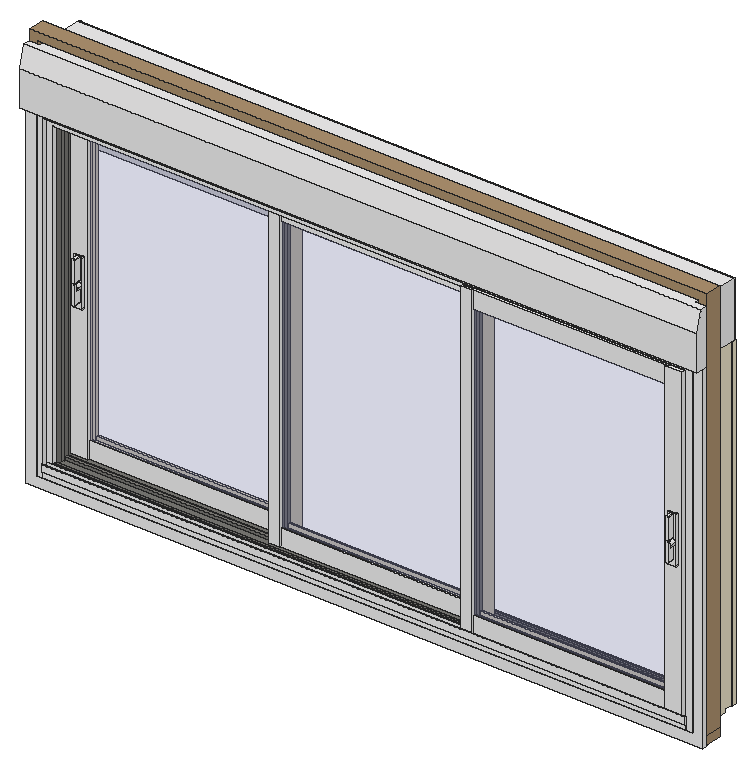
Revit family "K-LINE COULISSANT RENO-applique-KLBC3R-3V - Bloc Baie", category Fenêtres, Revit 2017
Family settings
  Hôte = Mur
  Numéro OmniClass = 23.30.20.00
  Titre OmniClass = Windows
  Toujours verticalement = Oui
  Couper avec des vides une fois chargée = Non
  Partagée = Non
  Point de calcul de pièce = Non
Parameters
  Youtube clip = ""
  Vitrage principal = ""
  Vitrage = Verre
  Visibilité des lames [instance] = yes
  Uniformat II Description = "Exterior Windows"
  Uniformat II Code = "B2020"
  Uniclass 2015 Name = "Doors and windows"
  Uniclass 2015 Code = "EF_25_30"
  Uniclass 2.0 Description = "Windows"
  Uniclass 2.0 Code = "PR-59-97"
  Uniclass 1.4 Description = "Windows"
  Uniclass 1.4 Code = "L413"
  URL = "https://pro.k-line.fr/baie-coulissante-3-rails.html"
  UNSPSC Code = "301716"
  Type porte fenêtre = Hauteur de fabrication > 1600.00 mm  # no
  Type fenêtre = not(Type porte fenêtre)  # yes
  Type de pose = "Pose en applique"
  Transmission thermique Uw = 1.4000 W/(m²·K)
  Transmission lumineuse TLw = "70%"
  Technical description = "http://www.pro.k-line.fr/baie-coulissante-3-rails.aspx"
  Symbole d'ouverture = yes
  Surface = Largeur * Hauteur  # 3.64325 m²
  SAV = "https://sav.k-line.fr/"
  QR code = "http://bimobject.com/k-line/product/KLBC3R-3VTX"
  Product url = "http://www.pro.k-line.fr/baie-coulissante-3-rails.aspx"
  Product group = "KL-BC3R"
  Product family = "Coulissants"
  Product data url = "https://www.bimobject.com/k-line/product/klbc3r-3vt-bbvr"
  Product certification = "http://www.pro.k-line.fr/baie-coulissante-3-rails-performances-certifications.aspx#produits"
  Product SKU = "KLBC3R-3VTX"
  Product Guid = "13ded3f3-efb5-4d70-944f-c43e4c48225d"
  Position traverse inter = Position du dessus de traverse - 64.00 mm  # 936.00 mm
  Position ouv central [instance] = if(Coulissant ouvert, Largeur de fabrication * 2 / 3 - 100.00 mm, Largeur ouvrant + 22.00 mm)  # 828.167 mm
  Position du dessus de traverse = 1000.00 mm
  Position de l'ouvrant [instance] = if(Coulissant ouvert, Largeur de fabrication * 2 / 3 - 191.20 mm, 42.00 mm)  # 42.00 mm
  Outil de thermo-luminosité = "https://pro.k-line.fr/le-calculateur-de-performances-thermiques-thermo-luminositer.html"
  Origine France Garantie = "https://pro.k-line.fr/pdf/attestations/Attestation_definitive_OFG_K-LINE.pdf"
  Option habillage extérieur = yes
  Option appui sans aile intérieure = no
  OmniClass Description = "Windows"
  OmniClass Code = "23-17 13 00"
  Occultation Thermobloc SPPF = no
  Occultation Classic BUBENDORFF = not(Occultation Thermobloc SPPF)  # yes
  Occultation = if(Occultation Thermobloc SPPF, "Thermobloc SPPF", "Classic BUBENDORFF")  # "Classic BUBENDORFF"
  Numéro de série = "K.........."
  Note d'identification = "08520"
  Nombre de traverses intermédiaires = 0.00 mm
  Neuf / Réno / Multi support = "Réno"
  NBS Reference Description = "Windows"
  NBS Reference Code = "59-97"
  Mortaise et grille d'entrée d'air = "Non"
  Modèle = "KL-BC3R-3V"
  Message Hors abaques [instance] = yes
  Matériaux = "Aluminium et verre"
  Masterformat 2014 Description = "Aluminum Windows"
  Masterformat 2014 Code = "08 51 13"
  Lg volet = Largeur de fabrication - 30.60 mm  # 2369.40 mm
  Lg cadre = Largeur de fabrication - 8.60 mm  # 2391.40 mm
  Largeur ouvrant = (Largeur de fabrication - 199.00 mm) / 3 + 72.50 mm  # 806.167 mm
  Largeur ouv central = (Largeur de fabrication - 199.00 mm) / 3 + 50.00 mm  # 783.667 mm
  Largeur de fabrication = Largeur - Joint en montants * 2  # 2400.00 mm
  Rough Width [instance] = Largeur  # 2470.00 mm
  Joint en traverse = [Cadre existant - Largeur] + 10.00 mm  # 40.00 mm
  Joint en traverse basse = if(Option appui sans aile intérieure, 5.00 mm, Joint en traverse - 5.00 mm)  # 35.00 mm
  Joint en montants = [Cadre existant - Largeur] + 5.00 mm  # 35.00 mm
  Installation instructions = "https://pro.k-line.fr/notices-de-pose.html"
  IFC Classification = "Window"
  Ht volet = Ht dormant - 10.80 mm  # 1189.20 mm
  Ht dormant = Hauteur de fabrication - Ht coffre  # 1200.00 mm
  Ht coffre = if(Occultation Classic BUBENDORFF, 200.00 mm, 225.00 mm)  # 200.00 mm
  Hors abaques Porte Fenetre [instance] = or(or(1300.00 mm > Largeur de fabrication, Largeur de fabrication > 3000.00 mm), or(1601.00 mm > Hauteur de fabrication, Hauteur de fabrication > 2400.00 mm), and(Hauteur de fabrication > 1850.00 mm, Largeur de fabrication < 1400.00 mm), and(Hauteur de fabrication > 2000.00 mm, Largeur de fabrication < 1500.00 mm), and(Hauteur de fabrication > 2100.00 mm, Largeur de fabrication < 1600.00 mm), and(Hauteur de fabrication > 2250.00 mm, Largeur de fabrication < 1700.00 mm))  # yes
  Hors abaques Fenetre [instance] = or(or(1200.00 mm > Largeur de fabrication, Largeur de fabrication > 3000.00 mm), or(500.00 mm > Hauteur de fabrication, Hauteur de fabrication > 1600.00 mm))  # no
  Hors abaques [instance] = and(if(Type fenêtre, Hors abaques Fenetre, Hors abaques Porte Fenetre), Message Hors abaques)  # no
  Hauteur ouvrant = Ht dormant - 75.00 mm  # 1125.00 mm
  Hauteur de fabrication = Hauteur - Joint en traverse - Joint en traverse basse  # 1400.00 mm
  Rough Height [instance] = Hauteur  # 1475.00 mm
  Hauteur = 1475.00 mm
  Hauteur de l'appui par défaut = 0.00 mm
  Grande Hauteur = and(Hauteur de fabrication > 2350.00 mm, Largeur de fabrication > 2900.00 mm)  # no
  Garanties = "https://www.pro.k-line.fr/pdf/Attestations-Avis_technique/Responsabilite_fabricant/Garanties_Legales_KLINE.pdf"
  Fermeture du mur = Par hôte
  Largeur = 2470.00 mm
  Famille de produit = "COULISSANT"
  Facteur solaire ScW (Hiver) = 0.56
  Fabricant = "K.LINE"
  Entretien = "https://www.pro.k-line.fr/pdf/Fiches_Entretien/Entretien_Menuiserie.pdf"
  Entreprise de pose = ""
  EAN code = ""
  Décalage intérieur du nu fini [instance] = 30.00 mm
  Description = "Fenêtre et porte fenêtre coulissante alu 3 rails"
  Coulissant ouvert [instance] = no
  Couleur lames de volet = BUBENDORFF - 100 (RAL 9016)
  Couleur châssis Int = K.Line Intemporel Blanc satiné (9016 S) - KQ
  Couleur châssis Ext = K.Line Couleur Beige (1015 T) - SQ
  Couleur Accessoire Int = K.Line Accessoire Blanc - KQ
  Contraintes de Largeur = if(Type fenêtre, "1200 < Largeur < 3000", "1300 < Largeur < 3000")  # "1200 < Largeur < 3000"
  Contraintes de Hauteur = if(Type fenêtre, "500 < Hauteur < 1600", "1601 < Hauteur < 2400")  # "500 < Hauteur < 1600"
  Construction analytique = "<Aucun>"
  Composition analytique de base = "Châssis 3500x2180 - Vitrage 4/WE Argon 20/TBE 4"
  Code d'assemblage = "B2020110"
  Classement AEV = "A*4 E*6B V*A3"
  Classe COV = "A+"
  Clair passage total = Largeur de fabrication * 2 / 3 - 242.00 mm  # 1358.00 mm
  Cadre existant - Visibilité = yes
  Cadre existant - Profondeur = 60.00 mm
  Cadre existant - Largeur = 30.00 mm
  COBIe Type Category = ""
  Brand url = "http://www.k-line.fr/index.aspx"
  BIMobject main category code = "windows"
  BIMobject main category = "Windows"
  BIMobject category code = "windows-slide"
  BIMobject category = "Opening Slide"
  Avis technique = "https://pro.k-line.fr/attestations-avis-techniques.html"
  Aile de recouvrement intérieure 20, 38, 60 ou 76 = 38.00 mm
  Affaiblissement acoustique R(A,tr) = "30dB"
Reference planes
  plane 1 "Centre (avant/arrière)": y = 0
  plane 2 "Centre (gauche/droite)": x = 0
  plane 3 "Gauche": x = -1235
  plane 4 "Droite": x = 1235
  plane 5 "Appui": z = 0
  plane 6 "Tête": z = 1475
  plane 7 "Extérieur": y = 150
  plane 8 "Intérieur": y = -150
  plane 9: x = 1200
  plane 10: y = -180
  plane 11: z = 74
  plane 12: x = 1158
  plane 13: y = -350
  plane 14: x = 371.833
  plane 15: x = -1200
  plane 16: x = -1158
  plane 17: z = 35
  plane 18: z = 1235
  plane 19: y = 11.75
Forms (mm)
  Extrusion 1, void
    sketch origin (0, 0, 0) x (1, 0, 0) y (0, 1, 0)
      loop
        line (-1235, 150) -> (-1235, -150) -> (1235, -150) -> (1235, 150) -> (-1235, 150)
    from 0 to 1475
Text (mm)
  text "EXTERIEUR" at (-1963.203, 1332.353, 0), in view "Niveau de réf."
  text "INTERIEUR" at (-1981.466, -818.386, 0), in view "Niveau de réf."
  text "Extérieur" at (0, 923.751, 2943.296), in view "Droite"
  text "Extérieur" at (0, 1040.484, 2685.409), in view "Gauche"
Dimensions and locks
  equal spacing: plane 3 "Gauche", plane 2 "Centre (gauche/droite)", plane 4 "Droite"
  "Largeur": plane 3 "Gauche" to plane 4 "Droite"
  "Hauteur": plane 5 "Appui" to plane 6 "Tête"
  "Hauteur de l'appui par défaut": plane 5 "Appui" to level
  locked: plane 7 "Extérieur" to host wall at 0
  locked: plane 8 "Intérieur" to host wall
  locked: plane 13 to plane 8 "Intérieur" at 200
  "Décalage intérieur du nu fini": plane 8 "Intérieur" to plane 10
  "Joint en montants": plane 9 to plane 4 "Droite"
  "Position de l'ouvrant": plane 12 to plane 9
  "Joint en montants": plane 15 to plane 3 "Gauche"
  locked: plane 16 to plane 15 at 42
  "Position ouv central": plane 14 to plane 9
  "Joint en traverse basse": plane 5 "Appui" to plane 17
  locked: plane 11 to plane 17 at 39
  locked: plane 10 to plane 19 at 191.75
  "Ht dormant": plane 18 to plane 17
  aligned and locked: Extrusion 1 sketch curve to host wall  (x2)
  aligned and locked: Extrusion 1 sketch curve to plane 3 "Gauche"
  aligned and locked: plane 4 "Droite" to Extrusion 1 sketch curve
  aligned and locked: Extrusion 1 to plane 6 "Tête"
  aligned and locked: plane 5 "Appui" to Extrusion 1
  aligned and locked: nested 2 to plane 12
  aligned and locked: nested 2 to plane 11
  aligned and locked: plane 11 to nested 1
  aligned and locked: nested 3 to plane 2 "Centre (gauche/droite)"
  aligned and locked: nested 3 to plane 13
  aligned and locked: nested 4 to plane 2 "Centre (gauche/droite)"
  aligned and locked: plane 14 to nested 5
  aligned and locked: plane 11 to nested 5
  aligned and locked: nested 4 to plane 10
  aligned and locked: nested 4 to nested 1
  aligned and locked: nested 4 to nested 5
  aligned and locked: nested 4 to nested 2
  aligned and locked: plane 16 to nested 1
  aligned and locked: plane 18 to nested 4
  aligned and locked: plane 2 "Centre (gauche/droite)" to nested 6
  aligned and locked: nested 6 to plane 19
  aligned and locked: nested 6 to plane 18
Nested families
  nested 1: "Ouvrant KLBC" at (-1158, -48.25, 74) x (-1, 0, 0) z (0, 0, 1), type "Ouvrant KLBC"
    with Vantail Int no, Vantail Ext yes, Renfort PF no, Position symbole 120.00 mm, Poignée PF no, Poignée F yes, Poignée CPI no, Position traverses 350.333 mm, Lg vitrage 733.667 mm, Lg traverse 703.667 mm, Largeur 806.167 mm, Ht vitrage 1029.00 mm, Ht traverse 1 936.00 mm, Hauteur 1125.00 mm
  nested 2: "Ouvrant KLBC" at (1158, -158.25, 74), type "Ouvrant KLBC"
    with Vantail Int yes, Vantail Ext no, Renfort PF no, Position symbole 85.00 mm, Poignée PF no, Poignée F yes, Poignée CPI no, Position traverses 350.333 mm, Lg vitrage 733.667 mm, Lg traverse 703.667 mm, Largeur 806.167 mm, Ht vitrage 1029.00 mm, Ht traverse 1 936.00 mm, Hauteur 1125.00 mm
  nested 3: "Texte Hors abaques" at (0, -350, 0), visible <- "Hors abaques", type "Texte Hors abaques"
  nested 4: "Dormant KL-BC3R RENO applique occultation" at (0, -180, 35), type "Dormant KL-BC3R RENO applique occultation"
  nested 5: "Ouvrant central KLBC3R" at (-391.833, -103.25, 74) x (-1, 0, 0) z (0, 0, 1), type "Ouvrant central KLBC3R"
    with Position traverses 350.333 mm, Porte Fenetre no, Lg vitrage 733.667 mm, Lg traverse 703.667 mm, Largeur 783.667 mm, Ht vitrage 1029.00 mm, Ht traverse 1 936.00 mm, Hauteur 1125.00 mm
  nested 6: "Bloc Baie Reno applique 3R" at (0, 11.75, 45.8) x (-1, 0, 0) z (0, 0, 1), Visibilité des lames <- "Visibilité des lames", type "Bloc Baie Reno applique 3R"
    with Visibilité des lames yes, Largeur 2369.40 mm, Hauteur 1189.20 mm, Grand T no
Definition of nested family "Ouvrant KLBC"
  Parameters (values of type "Ouvrant KLBC")
    Vitrage = none
    Visibilité ouverture = yes
    Vantail Int [instance] = not(Vantail Ext)  # no
    Vantail Ext [instance] = yes
    Renfort PF [instance] = and(Vantail Int, Porte fenêtre)  # no
    Profondeur renfort = if(Mt renforcé, 53.75 mm, 32.00 mm)  # 32.00 mm
    Position traverses = if([3 traverses], (Height - 274.00 mm) / 4 + 50.00 mm, (Height - 224.00 mm) / 3 + 50.00 mm)  # 456.333 mm
    Position symbole [instance] = if(Vantail Int, 85.00 mm, 120.00 mm)  # 120.00 mm
    Porte fenêtre = no
    Poignée PF [instance] = and(Porte fenêtre, not(Poignée CPI))  # no
    Poignée F [instance] = and(Fenêtre, not(Poignée CPI))  # yes
    Poignée CPI [instance] = and(Vantail Int, CPI)  # no
    Nb traverses = 0.00 mm
    Mt renforcé = no
    Lg vitrage = Width - 72.50 mm  # 1143.50 mm
    Lg traverse = Width - 102.50 mm  # 1113.50 mm
    Width = 1216.00 mm
    Ht vitrage = Height - 96.00 mm  # 1347.00 mm
    Ht traverse 1 = 431.00 mm
    Height = 1443.00 mm
    Fenêtre = yes
    Couleur châssis Int = none
    Couleur châssis Ext = none
    Couleur Accessoire Int = none
    Analytic Construction = "<Aucun>"
    CPI = no
    3 traverses = Nb traverses = 3.00 mm  # no
    2 traverses = or(Nb traverses = 2.00 mm, Nb traverses = 3.00 mm)  # no
    1 traverse = Nb traverses = 1.00 mm  # no
  Reference planes
    plane 1 "Centre (avant/arrière)": y = 0
    plane 2: z = 0
    plane 3 "Centre (gauche/droite)": x = 0
    plane 4: x = -1216
    plane 5: y = 21.75
    plane 6 "Nu ext": y = -21.75
    plane 7: x = -62.5
    plane 8: x = -47.5
    plane 9: x = -13
    plane 10: x = -1176
    plane 11: x = -1191
    plane 12: x = -1196
    plane 13: y = -14
    plane 14: y = 14
    plane 15: y = -8
    plane 16: y = 8
    plane 17: x = -1213
    plane 18: y = 28.25
    plane 19: z = 1443
    plane 20: z = 721.5
    plane 21: z = 62
    plane 22: z = 48
    plane 23: z = 13
    plane 24: y = -20
    plane 25: y = 20
    plane 26: z = 1381
    plane 27: z = 1395
    plane 28: z = 1430
    plane 29: x = -31.5
    plane 30: x = -619.25
    plane 31: y = -28.25
    plane 32: y = 53.75
    plane 33: z = 493.333
    plane 34: z = 949.667
    plane 35: z = 1406
    plane 36: z = 1862.333
    plane 37: z = 37
    plane 38: z = 431
    plane 39: y = 120
    plane 40: z = 1253
    plane 41: y = 46.75
  Forms (mm)
    Extrusion 1, solid, material <- "Couleur châssis Int"
      sketch origin (0, 0, 0) x (1, 0, 0) y (0, 1, 0)
        loop
          line (-62.5, 21.75) -> (-62.5, 14) -> (-47.5, 14) -> (-47.5, 0) -> (-13, 0) -> (-13, 8) -> (0, 8) -> (0, 21.75) -> (-62.5, 21.75)
      from 0 to 1443
    Extrusion 2, solid, material <- "Couleur châssis Ext"
      sketch origin (0, 0, 0) x (1, 0, 0) y (0, 1, 0)
        loop
          line (-62.5, -21.75) -> (0, -21.75) -> (0, -8) -> (-13, -8) -> (-13, 0) -> (-47.5, 0) -> (-47.5, -14) -> (-62.5, -14) -> (-62.5, -21.75)
      from 0 to 1443
    Extrusion 3, solid, visible <- "Vantail Ext"
      sketch origin (0, 0, 0) x (1, 0, 0) y (0, 1, 0)
        loop
          line (-1213, 28.25) -> (-1213, -14) -> (-1191, -14) -> (-1191, 14) -> (-1176, 14) -> (-1176, 21.75) -> (-1196, 21.75) -> (-1196, 28.25) -> (-1213, 28.25)
      from 0 to 1443
    Extrusion 4, solid, material <- "Couleur châssis Ext", visible <- "Vantail Ext"
      sketch origin (0, 0, 0) x (1, 0, 0) y (0, 1, 0)
        loop
          line (-1216, 28.25) -> (-1216, -21.75) -> (-1176, -21.75) -> (-1176, -14) -> (-1213, -14) -> (-1213, 28.25) -> (-1216, 28.25)
      from 0 to 1443
    Extrusion 5, solid, material <- "Couleur châssis Ext"
      sketch origin (0, 0, 0) x (0, 1, 0) y (0, 0, 1)
        loop
          line (-20, 62) -> (-20, 0) -> (-8, 0) -> (-8, 13) -> (0, 13) -> (0, 48) -> (-14, 48) -> (-14, 62) -> (-20, 62)
        loop
          line (-20, 1381) -> (-14, 1381) -> (-14, 1395) -> (0, 1395) -> (0, 1430) -> (-8, 1430) -> (-8, 1443) -> (-20, 1443) -> (-20, 1381)
      from -62.5 to -1176
    Extrusion 6, void
      sketch origin (0, 0, 0) x (0, 1, 0) y (0, 0, 1)
        loop
          line (-8, 13) -> (-8, 0) -> (8, 0) -> (8, 13) -> (-8, 13)
        loop
          line (-8, 1430) -> (8, 1430) -> (8, 1443) -> (-8, 1443) -> (-8, 1430)
      from 0 to -1216
    Extrusion 7, solid, material <- "Couleur châssis Int"
      sketch origin (0, 1.25, 0.625) x (0, -1, 0) y (0, 0, -1)
        loop
          line (-18.75, -61.375) -> (-12.75, -61.375) -> (-12.75, -47.375) -> (1.25, -47.375) -> (1.25, -12.375) -> (-6.75, -12.375) -> (-6.75, 0.625) -> (-18.75, 0.625) -> (-18.75, -61.375)
        loop
          line (-18.75, -1380.375) -> (-18.75, -1442.375) -> (-6.75, -1442.375) -> (-6.75, -1429.375) -> (1.25, -1429.375) -> (1.25, -1394.375) -> (-12.75, -1394.375) -> (-12.75, -1380.375) -> (-18.75, -1380.375)
      from -62.5 to -1176
    Extrusion 8, solid, material <- "Couleur châssis Int", visible <- "Vantail Int"
      sketch origin (0, 0, 0) x (1, 0, 0) y (0, 1, 0)
        loop
          line (-1216, -28.25) -> (-1213, -28.25) -> (-1213, 14) -> (-1176, 14) -> (-1176, 21.75) -> (-1216, 21.75) -> (-1216, -28.25)
      from 0 to 1443
    Extrusion 9, solid, visible <- "Vantail Int"
      sketch origin (0, 0, 0) x (1, 0, 0) y (0, 1, 0)
        loop
          line (-1213, -28.25) -> (-1196, -28.25) -> (-1196, -21.75) -> (-1176, -21.75) -> (-1176, -14) -> (-1191, -14) -> (-1191, 14) -> (-1213, 14) -> (-1213, -28.25)
      from 0 to 1443
    Extrusion 10, solid, material <- "Couleur châssis Int", visible <- "Renfort PF"
      sketch origin (0, 0, 0) x (1, 0, 0) y (0, 1, 0)
        loop
          line (-1216, 53.75) -> (-1216, 21.75) -> (-1176, 21.75) -> (-1176, 53.75) -> (-1216, 53.75)
      from 13 to 1443
    Extrusion 11, solid, material <- "Couleur Accessoire Int", visible <- "Poignée CPI"
      sketch origin (0, -21.75, 0) x (-1, 0, 0) y (0, 0, -1)
        loop
          line (13, -1443) -> (47.5, -1443) -> (47.5, -1257)
          arc (47.5, -1257) -> (46.328, -1254.172) -> (43.5, -1253) r 4
          line (43.5, -1253) -> (17, -1253)
          arc (17, -1253) -> (14.172, -1254.172) -> (13, -1257) r 4
          line (13, -1257) -> (13, -1443)
      from -43.5 to -68.5
  Cuts and joins
    Extrusion 6 cuts Extrusion 5
    Extrusion 6 cuts Extrusion 4
    Extrusion 6 cuts Extrusion 3
    Extrusion 6 cuts Extrusion 1
    Extrusion 6 cuts Extrusion 2
    Extrusion 6 cuts Extrusion 8
    Extrusion 6 cuts Extrusion 9
  Lines and regions (mm)
    symbolic lines, visible <- "Visibilité ouverture"
      curve 1: line (-719.25, -21.75, 721.5) -> (-519.25, -21.75, 721.5)
      curve 2: line (-719.25, -21.75, 721.5) -> (-682.998, -21.75, 738.405)
      curve 3: line (-719.25, -21.75, 721.5) -> (-682.998, -21.75, 704.595)
      curve 4: line (-719.25, 120, 0) -> (-519.25, 120, 0)
      curve 5: line (-719.25, 120, 0) -> (-680.613, 130.353, 0)
      curve 6: line (-719.25, 120, 0) -> (-680.613, 109.647, 0)
    model lines, visible <- "Visibilité ouverture"
      curve 7: line (-519.25, -21.75, 721.5) -> (-719.25, -21.75, 721.5)
      curve 8: line (-719.25, -21.75, 721.5) -> (-682.998, -21.75, 704.595)
      curve 9: line (-682.998, -21.75, 738.405) -> (-719.25, -21.75, 721.5)
  Dimensions and locks
    "Width": plane 4 to plane 3 "Centre (gauche/droite)"
    locked: plane 5 to plane 1 "Centre (avant/arrière)" at 21.75
    locked: plane 6 "Nu ext" to plane 1 "Centre (avant/arrière)" at 21.75
    locked: plane 7 to plane 3 "Centre (gauche/droite)" at 62.5
    locked: plane 7 to plane 8 at 15
    locked: plane 9 to plane 3 "Centre (gauche/droite)" at 13
    locked: plane 10 to plane 11 at 15
    locked: plane 4 to plane 12 at 20
    locked: plane 12 to plane 10 at 20
    locked: plane 6 "Nu ext" to plane 13 at 7.75
    locked: plane 5 to plane 14 at 7.75
    locked: plane 15 to plane 1 "Centre (avant/arrière)" at 8
    locked: plane 16 to plane 1 "Centre (avant/arrière)" at 8
    locked: plane 4 to plane 17 at 3
    locked: plane 6 "Nu ext" to plane 18 at 50
    "Height": plane 19 to plane 2
    equal spacing: plane 19, plane 20, plane 2
    locked: plane 21 to plane 2 at 62
    locked: plane 21 to plane 22 at 14
    locked: plane 2 to plane 23 at 13
    locked: plane 24 to plane 13 at 6
    locked: plane 25 to plane 14 at 6
    locked: plane 26 to plane 27 at 14
    locked: plane 19 to plane 28 at 13
    locked: plane 26 to plane 19 at 62
    locked: plane 29 to plane 3 "Centre (gauche/droite)" at 31.5
    equal spacing: plane 11, plane 30, plane 8
    locked: plane 5 to plane 31 at 50
    "Profondeur renfort": plane 32 to plane 5
    "Position traverses": plane 34 to plane 33
    "Position traverses": plane 35 to plane 34
    "Position traverses": plane 36 to plane 35
    locked: plane 21 to plane 37 at 25
    "Position traverses": plane 33 to plane 37
    "Ht traverse 1": plane 38 to plane 2
    "Position symbole": plane 39 to plane 1 "Centre (avant/arrière)"
    locked: plane 19 to plane 40 at 190
    locked: plane 41 to plane 5 at 25
    aligned and locked: level to plane 2
    aligned and locked: plane 7 to Extrusion 1 sketch curve
    aligned and locked: Extrusion 1 sketch curve to plane 5
    aligned and locked: Extrusion 1 sketch curve to plane 14
    aligned and locked: plane 8 to Extrusion 1 sketch curve
    aligned and locked: Extrusion 1 sketch curve to plane 1 "Centre (avant/arrière)"
    aligned and locked: Extrusion 1 sketch curve to plane 9
    aligned and locked: plane 16 to Extrusion 1 sketch curve
    aligned and locked: Extrusion 1 sketch curve to plane 3 "Centre (gauche/droite)"
    aligned and locked: plane 9 to Extrusion 2 sketch curve
    aligned and locked: Extrusion 2 sketch curve to plane 15
    aligned and locked: plane 3 "Centre (gauche/droite)" to Extrusion 2 sketch curve
    aligned and locked: plane 6 "Nu ext" to Extrusion 2 sketch curve
    aligned and locked: Extrusion 2 sketch curve to plane 7
    aligned and locked: plane 13 to Extrusion 2 sketch curve
    aligned and locked: Extrusion 2 sketch curve to plane 8
    aligned and locked: Extrusion 2 sketch curve to plane 1 "Centre (avant/arrière)"
    aligned and locked: plane 17 to Extrusion 3 sketch curve
    aligned and locked: plane 12 to Extrusion 3 sketch curve
    aligned and locked: plane 10 to Extrusion 3 sketch curve
    aligned and locked: plane 11 to Extrusion 3 sketch curve
    aligned and locked: plane 13 to Extrusion 3 sketch curve
    aligned and locked: plane 4 to Extrusion 4 sketch curve
    aligned and locked: Extrusion 4 sketch curve to plane 17
    aligned and locked: Extrusion 4 sketch curve to plane 13
    aligned and locked: plane 10 to Extrusion 4 sketch curve
    aligned and locked: Extrusion 4 sketch curve to plane 6 "Nu ext"
    aligned and locked: Extrusion 4 sketch curve to plane 18
    aligned and locked: Extrusion 3 sketch curve to plane 18
    aligned and locked: Extrusion 3 sketch curve to plane 5
    aligned and locked: Extrusion 3 sketch curve to plane 14
    aligned and locked: Extrusion 4 to plane 2
    aligned and locked: Extrusion 3 to plane 2
    aligned and locked: Extrusion 1 to plane 2
    aligned and locked: Extrusion 2 to plane 2
    aligned and locked: plane 19 to Extrusion 1
    aligned and locked: plane 19 to Extrusion 2
    aligned and locked: plane 19 to Extrusion 3
    aligned and locked: plane 19 to Extrusion 4
    aligned and locked: plane 24 to Extrusion 5 sketch curve
    aligned and locked: plane 21 to Extrusion 5 sketch curve
    aligned and locked: plane 13 to Extrusion 5 sketch curve
    aligned and locked: plane 22 to Extrusion 5 sketch curve
    aligned and locked: Extrusion 5 sketch curve to plane 1 "Centre (avant/arrière)"
    aligned and locked: plane 23 to Extrusion 5 sketch curve
    aligned and locked: Extrusion 5 sketch curve to plane 2
    aligned and locked: Extrusion 5 sketch curve to plane 24
    aligned and locked: Extrusion 5 sketch curve to plane 19
    aligned and locked: Extrusion 5 sketch curve to plane 28
    aligned and locked: plane 1 "Centre (avant/arrière)" to Extrusion 5 sketch curve
    aligned and locked: Extrusion 5 sketch curve to plane 27
    aligned and locked: Extrusion 5 sketch curve to plane 13
    aligned and locked: Extrusion 5 sketch curve to plane 26
    aligned and locked: plane 15 to Extrusion 5 sketch curve
    aligned and locked: Extrusion 5 sketch curve to plane 15
    aligned and locked: plane 23 to Extrusion 6 sketch curve
    aligned and locked: Extrusion 6 sketch curve to plane 16
    aligned and locked: plane 2 to Extrusion 6 sketch curve
    aligned and locked: Extrusion 6 sketch curve to plane 15
    aligned and locked: plane 19 to Extrusion 6 sketch curve
    aligned and locked: plane 16 to Extrusion 6 sketch curve
    aligned and locked: Extrusion 6 sketch curve to plane 28
    aligned and locked: plane 15 to Extrusion 6 sketch curve
    aligned and locked: Extrusion 6 to plane 4
    aligned and locked: plane 3 "Centre (gauche/droite)" to Extrusion 6
    aligned and locked: plane 10 to Extrusion 5
    aligned and locked: plane 7 to cut or joined group of Extrusion 5, Extrusion 6
    aligned and locked: plane 19 to Extrusion 7 sketch curve
    aligned and locked: plane 28 to Extrusion 7 sketch curve
    aligned and locked: plane 1 "Centre (avant/arrière)" to Extrusion 7 sketch curve
    aligned and locked: Extrusion 7 sketch curve to plane 16
    aligned and locked: plane 25 to Extrusion 7 sketch curve
    aligned and locked: plane 27 to Extrusion 7 sketch curve
    aligned and locked: plane 26 to Extrusion 7 sketch curve
    aligned and locked: plane 14 to Extrusion 7 sketch curve
    aligned and locked: Extrusion 7 sketch curve to plane 21
    aligned and locked: Extrusion 7 sketch curve to plane 22
    aligned and locked: Extrusion 7 sketch curve to plane 23
    aligned and locked: plane 2 to Extrusion 7 sketch curve
    aligned and locked: Extrusion 7 sketch curve to plane 25
    aligned and locked: Extrusion 7 sketch curve to plane 14
    aligned and locked: plane 16 to Extrusion 7 sketch curve
    aligned and locked: Extrusion 7 sketch curve to plane 1 "Centre (avant/arrière)"
    aligned and locked: nested 1 to plane 5
    aligned and locked: nested 1 to plane 29
    aligned and locked: nested 1 to plane 20
    aligned and locked: nested 2 to plane 29
    aligned and locked: plane 5 to nested 2
    aligned and locked: plane 20 to nested 2
    aligned and locked: plane 1 "Centre (avant/arrière)" to nested 3
    aligned and locked: plane 30 to nested 3
    aligned and locked: nested 3 to plane 22
    aligned and locked: plane 1 "Centre (avant/arrière)" to nested 4
    aligned and locked: plane 3 "Centre (gauche/droite)" to nested 4
    aligned and locked: nested 5 to plane 1 "Centre (avant/arrière)"
    aligned and locked: plane 19 to nested 5
    aligned and locked: plane 2 to nested 6
    aligned and locked: plane 1 "Centre (avant/arrière)" to nested 6
    aligned and locked: plane 4 to nested 7
    aligned and locked: plane 1 "Centre (avant/arrière)" to nested 7
    aligned and locked: nested 8 to plane 4
    aligned and locked: plane 1 "Centre (avant/arrière)" to nested 8
    aligned and locked: plane 14 to Extrusion 8 sketch curve
    aligned and locked: plane 17 to Extrusion 8 sketch curve
    aligned and locked: Extrusion 8 sketch curve to plane 4
    aligned and locked: Extrusion 9 sketch curve to plane 14
    aligned and locked: plane 13 to Extrusion 9 sketch curve
    aligned and locked: plane 6 "Nu ext" to Extrusion 9 sketch curve
    aligned and locked: Extrusion 9 sketch curve to plane 31
    aligned and locked: Extrusion 9 sketch curve to plane 12
    aligned and locked: Extrusion 9 sketch curve to plane 10
    aligned and locked: Extrusion 9 sketch curve to plane 11
    aligned and locked: Extrusion 9 sketch curve to plane 17
    aligned and locked: Extrusion 8 sketch curve to plane 31
    aligned and locked: plane 10 to Extrusion 7
    aligned and locked: plane 19 to Extrusion 8
    aligned and locked: plane 19 to Extrusion 9
    aligned and locked: Extrusion 9 to plane 2
    aligned and locked: Extrusion 8 to plane 2
    aligned and locked: plane 5 to Extrusion 8 sketch curve
    aligned and locked: Extrusion 10 sketch curve to plane 32
    aligned and locked: plane 4 to Extrusion 10 sketch curve
    aligned and locked: plane 10 to Extrusion 10 sketch curve
    aligned and locked: plane 5 to Extrusion 10 sketch curve
    aligned and locked: plane 23 to Extrusion 10
    aligned and locked: plane 19 to Extrusion 10
    aligned and locked: nested 9 to plane 30
    aligned and locked: nested 9 to plane 1 "Centre (avant/arrière)"
    aligned and locked: plane 33 to nested 10
    aligned and locked: plane 34 to nested 11
    aligned and locked: plane 35 to nested 12
    aligned and locked: nested 12 to plane 1 "Centre (avant/arrière)"
    aligned and locked: nested 11 to plane 1 "Centre (avant/arrière)"
    aligned and locked: nested 10 to plane 1 "Centre (avant/arrière)"
    aligned and locked: plane 38 to nested 9
    aligned and locked: nested 10 to plane 30
    aligned and locked: nested 11 to plane 30
    aligned and locked: nested 12 to plane 30
    aligned and locked: plane 19 to Extrusion 11 sketch curve
    aligned and locked: plane 9 to Extrusion 11 sketch curve
    aligned and locked: Extrusion 11 sketch curve to plane 40
    aligned and locked: Extrusion 11 sketch curve to plane 8
    aligned and locked: plane 41 to Extrusion 11
    aligned and locked: Extrusion 11 to plane 5
  Automatic sketch dimensions
    curve 6 to plane 39 = 0.00 mm
    curve 6 to plane 30 = 100.00 mm
    plane 30 to curve 4 = 100.00 mm
    plane 39 to curve 5 = 10.353 mm
    curve 4 to curve 5 = 38.637 mm
    curve 6 to plane 39 = 10.353 mm
    curve 6 to curve 5 = 0.00 mm
    Extrusion 8 sketch curve to plane 10 = 0.00 mm
    curve 9 to plane 20 = 0.00 mm
    plane 20 to curve 8 = 16.905 mm
    plane 30 to curve 8 = 63.748 mm
    curve 3 to curve 7 = 36.252 mm
    curve 7 to plane 30 = 100.00 mm
    curve 1 to curve 7 = 0.00 mm
    curve 2 to plane 20 = 16.905 mm
    curve 2 to curve 3 = 0.00 mm
    plane 9 to Extrusion 11 sketch curve = 4.00 mm
    Extrusion 11 sketch curve to Extrusion 11 sketch curve = 4.00 mm
  Nested families
    nested 1: "Poignée 24751" at (-31.5, 21.75, 721.5), visible <- "Poignée PF", type "Poignée 24751", detail levels fine
    nested 2: "KLBC_Poignée 102217" at (-31.5, 21.75, 721.5) x (-1, 0, 0) z (0, 0, 1), visible <- "Poignée F", type "KLBC_Poignée 102217", detail levels fine
    nested 3: "Vitrage" at (-619.25, 0, 48), Width <- "Lg vitrage", Height <- "Ht vitrage", type "Vitrage"
      with Width 1143.50 mm, Height 1347.00 mm
    nested 4: "Détail 2D - KLBC - Profil ouvrant" at (-62.5, 0, 0) x (0, -1, 0) z (0, 0, 1), type "Détail 2D - KLBC - Profil ouvrant"
      with Traverse no, Pf vitrage 15.00 mm, Lg 43.50 mm, Ht 62.50 mm
    nested 5: "Détail 2D - KLBC - Profil ouvrant" at (0, 0, 1381) x (0, 1, 0) z (1, 0, 0), type "Détail 2D - KLBC - Profil ouvrant"
      with Traverse yes, Pf vitrage 14.00 mm, Lg 40.00 mm, Ht 62.00 mm
    nested 6: "Détail 2D - KLBC - Profil ouvrant" at (0, 0, 62) x (0, 1, 0) z (1, 0, 0), type "Détail 2D - KLBC - Profil ouvrant"
      with Traverse yes, Pf vitrage 14.00 mm, Lg 40.00 mm, Ht 62.00 mm
    nested 7: "Détail 2D - KLBC - Montant central" at (-1216, 0, 0), visible <- "Vantail Ext", type "Détail 2D - KLBC - Montant central"
      with Profondeur 7.75 mm, Porte fenêtre no, Mt renforcé no
    nested 8: "Détail 2D - KLBC - Montant central" at (-1216, 0, 0), Porte fenêtre <- "Porte fenêtre", visible <- "Vantail Int", Mt renforcé <- "Mt renforcé", type "Détail 2D - KLBC - Montant central"
      with Profondeur 7.75 mm, Porte fenêtre no, Mt renforcé no
    nested 9: "Traverse intermédiaire" at (-619.25, 0, 431) x (-1, 0, 0) z (0, 0, 1), visible <- "1 traverse", type "Traverse intermédiaire"
      with Longueur 1113.50 mm
    nested 10: "Traverse intermédiaire" at (-619.25, 0, 493.333) x (-1, 0, 0) z (0, 0, 1), visible <- "2 traverses", type "Traverse intermédiaire"
      with Longueur 1113.50 mm
    nested 11: "Traverse intermédiaire" at (-619.25, 0, 949.667) x (-1, 0, 0) z (0, 0, 1), visible <- "2 traverses", type "Traverse intermédiaire"
      with Longueur 1113.50 mm
    nested 12: "Traverse intermédiaire" at (-619.25, 0, 1406) x (-1, 0, 0) z (0, 0, 1), visible <- "3 traverses", type "Traverse intermédiaire"
      with Longueur 1113.50 mm
  Definition of nested family "Poignée 24751"
    Parameters
      Couleur Accessoire = none
    Reference planes
      plane 1 "Centre (avant/arrière)": y = 0
      plane 2: z = 0
      plane 3 "Centre (gauche/droite)": x = 0
      plane 4: y = -65
      plane 5: x = -22.6
      plane 6: y = -57
      plane 7: y = -7
      plane 8: z = 80
      plane 9: z = 117
      plane 10: z = -80
      plane 11: z = -117
      plane 12: z = 69.2
      plane 13: z = -69.2
    Forms (mm)
      Extrusion 1, solid, material <- "Couleur Accessoire"
        sketch origin (0, 0, 0) x (1, 0, 0) y (0, 1, 0)
          loop
            line (-14, 0) -> (-14, -7) -> (14, -7) -> (14, 0) -> (-14, 0)
        from -80 to 80
      Extrusion 2, solid, material <- "Couleur Accessoire"
        sketch origin (0, 0, 0) x (1, 0, 0) y (0, 1, 0)
          loop
            arc (-15.05, -65) -> (-22.6, -46) -> (-30.15, -65) r 11
            line (-30.15, -65) -> (-15.05, -65)
        from -117 to 117
      Extrusion 3, solid, material <- "Couleur Accessoire"
        sketch origin (0, 0, 0) x (1, 0, 0) y (0, 1, 0)
          loop
            line (-14, -7) -> (-31.287, -50.252)
            arc (-31.287, -50.252) -> (-17.9, -47.055) -> (-11.871, -59.427) r 11
            line (-11.871, -59.427) -> (14, -7) -> (-14, -7)
        from 69.2 to 80
      Extrusion 4, solid, material <- "Couleur Accessoire"
        sketch origin (0, 0, 0) x (1, 0, 0) y (0, 1, 0)
          loop
            line (-14, -7) -> (-31.287, -50.252)
            arc (-31.287, -50.252) -> (-17.9, -47.055) -> (-11.871, -59.427) r 11
            line (-11.871, -59.427) -> (14, -7) -> (-14, -7)
        from -80 to -69.2
    Cuts and joins
      joined: Extrusion 1, Extrusion 2, Extrusion 3, Extrusion 4
    Dimensions and locks
      locked: plane 4 to plane 1 "Centre (avant/arrière)" at 65
      locked: plane 5 to plane 3 "Centre (gauche/droite)" at 22.6
      locked: plane 6 to plane 1 "Centre (avant/arrière)" at 57
      locked: plane 7 to plane 1 "Centre (avant/arrière)" at 7
      Extrusion 1 sketch curve to plane 3 "Centre (gauche/droite)" = 14.00 mm
      plane 3 "Centre (gauche/droite)" to Extrusion 1 sketch curve = 14.00 mm
      locked: plane 8 to plane 2 at 80
      locked: plane 2 to plane 9 at 117
      locked: plane 10 to level at 80
      locked: level to plane 11 at 117
      locked: plane 12 to plane 8 at 10.8
      locked: plane 13 to plane 10 at 10.8
      aligned and locked: level to plane 2
      aligned and locked: plane 1 "Centre (avant/arrière)" to Extrusion 1 sketch curve
      aligned and locked: plane 7 to Extrusion 1 sketch curve
      aligned and locked: plane 11 to Extrusion 2
      aligned and locked: plane 9 to Extrusion 2
      aligned and locked: plane 10 to Extrusion 1
      aligned and locked: plane 8 to Extrusion 1
      aligned and locked: Extrusion 3 to Extrusion 1
      aligned and locked: Extrusion 3 to plane 12
      aligned and locked: Extrusion 4 to Extrusion 1
      aligned and locked: Extrusion 4 to plane 13
  Definition of nested family "KLBC_Poignée 102217"
    Parameters (values of type "KLBC_Poignée 102217")
      Couleur Accessoire = none
    Reference planes
      plane 1 "Centre (avant/arrière)": y = 0
      plane 2: z = 0
      plane 3 "Centre (gauche/droite)": x = 0
      plane 4: x = -15
      plane 5: y = -24.7
      plane 6: y = -7
      plane 7: z = 13.5
      plane 8: z = 95.5
      plane 9: z = -76
      plane 10: z = 93.5
      plane 11: x = -5
      plane 12: x = 15
      plane 13: x = 5
      plane 14: z = -58
      plane 15: y = -29
    Forms (mm)
      Extrusion 1, solid, material <- "Couleur Accessoire"
        sketch origin (0, 0, 0) x (1, 0, 0) y (0, 0, 1)
          loop
            line (13, 95.5) -> (-13, 95.5)
            arc (-13, 95.5) -> (-14.414, 94.914) -> (-15, 93.5) r 2
            line (-15, 93.5) -> (-15, -74)
            arc (-15, -74) -> (-14.414, -75.414) -> (-13, -76) r 2
            line (-13, -76) -> (13, -76)
            arc (13, -76) -> (14.414, -75.414) -> (15, -74) r 2
            line (15, -74) -> (15, 93.5)
            arc (15, 93.5) -> (14.414, 94.914) -> (13, 95.5) r 2
        from 0 to 7
      Extrusion 2, solid, material <- "Couleur Accessoire"
        sketch origin (0, 0, 0) x (1, 0, 0) y (0, 0, 1)
          loop
            circle (0, 0) r 12
        from 7 to 24.7
      Extrusion 3, solid, material <- "Couleur Accessoire"
        sketch origin (0, 0, 0) x (1, 0, 0) y (0, 0, 1)
          loop
            line (5, 15.253) -> (5, 91.747)
            arc (5, 91.747) -> (4.826, 92.311) -> (4.364, 92.678) r 1
            arc (4.364, 92.678) -> (0, 93.5) -> (-4.364, 92.678) r 12
            arc (-4.364, 92.678) -> (-4.826, 92.311) -> (-5, 91.747) r 1
            line (-5, 91.747) -> (-5, 15.253)
            arc (-5, 15.253) -> (-4.826, 14.689) -> (-4.364, 14.322) r 1
            arc (-4.364, 14.322) -> (0, 13.5) -> (4.364, 14.322) r 12
            arc (4.364, 14.322) -> (4.826, 14.689) -> (5, 15.253) r 1
          loop
            arc (5, 10.247) -> (4.826, 10.811) -> (4.364, 11.178) r 1
            arc (4.364, 11.178) -> (0, 12) -> (-4.364, 11.178) r 12
            arc (-4.364, 11.178) -> (-4.826, 10.811) -> (-5, 10.247) r 1
            line (-5, 10.247) -> (-5, -56.247)
            arc (-5, -56.247) -> (-4.826, -56.811) -> (-4.364, -57.178) r 1
            arc (-4.364, -57.178) -> (0, -58) -> (4.364, -57.178) r 12
            arc (4.364, -57.178) -> (4.826, -56.811) -> (5, -56.247) r 1
            line (5, -56.247) -> (5, 10.247)
        from 7 to 29
    Cuts and joins
      joined: Extrusion 2, Extrusion 3
    Dimensions and locks
      locked: plane 5 to plane 6 at 17.7
      locked: plane 6 to plane 1 "Centre (avant/arrière)" at 7
      locked: plane 7 to plane 2 at 13.5
      locked: plane 2 to plane 8 at 95.5
      locked: level to plane 9 at 76
      locked: plane 4 to plane 3 "Centre (gauche/droite)" at 15
      locked: plane 11 to plane 3 "Centre (gauche/droite)" at 5
      locked: plane 12 to plane 3 "Centre (gauche/droite)" at 15
      locked: plane 13 to plane 3 "Centre (gauche/droite)" at 5
      locked: plane 14 to level at 58
      locked: plane 15 to plane 5 at 4.3
      locked: plane 10 to plane 8 at 2
      radius of Extrusion 2 sketch curve = 12.00 mm
      aligned and locked: level to plane 2
      aligned and locked: plane 8 to Extrusion 1 sketch curve
      aligned and locked: Extrusion 1 sketch curve to plane 12
      aligned and locked: plane 9 to Extrusion 1 sketch curve
      aligned and locked: Extrusion 1 sketch curve to plane 4
      aligned and locked: Extrusion 1 to plane 1 "Centre (avant/arrière)"
      aligned and locked: Extrusion 1 to plane 6
      aligned and locked: Extrusion 2 to plane 5
      aligned and locked: plane 6 to Extrusion 2
      aligned and locked: plane 13 to Extrusion 3 sketch curve
      aligned and locked: plane 11 to Extrusion 3 sketch curve
      aligned and locked: Extrusion 3 sketch curve to plane 11
      aligned and locked: Extrusion 3 sketch curve to plane 13
      aligned and locked: plane 6 to Extrusion 3
      aligned and locked: Extrusion 3 to plane 15
  Definition of nested family "Vitrage"
    Parameters
      Width [instance] = 823.00 mm
      K.LINE Verre = none
      Height [instance] = 1344.00 mm
      Ep verre Int = 4.00 mm
      Ep verre Ext = 4.00 mm
      Ep Vitrage = 28.00 mm
      Analytic Construction = "<Aucun>"
    Reference planes
      plane 1 "Centre (avant/arrière)": y = 0
      plane 2: z = 0
      plane 3 "Centre (gauche/droite)": x = 0
      plane 4: x = -411.5
      plane 5: x = 411.5
      plane 6: y = 14
      plane 7: y = -14
      plane 8: y = 10
      plane 9: y = -10
      plane 10: z = 1344
      plane 11: x = -401.5
      plane 12: x = 401.5
      plane 13: z = 10
      plane 14: z = 1334
    Forms (mm)
      Extrusion 1, solid, material <- "K.LINE Verre"
        sketch origin (0, 0, 0) x (1, 0, 0) y (0, 1, 0)
          loop
            line (-411.5, 14) -> (-411.5, -14) -> (411.5, -14) -> (411.5, 14) -> (-411.5, 14)
        from 0 to 1344
    Lines and regions (mm)
      symbolic lines, detail levels medium+fine
        curve 1: line (-411.5, 14, 0) -> (411.5, 14, 0)
        curve 2: line (-411.5, -14, 0) -> (-411.5, 14, 0)
        curve 3: line (411.5, -14, 0) -> (-411.5, -14, 0)
        curve 4: line (411.5, 14, 0) -> (411.5, -14, 0)
        curve 10: line (0, -14, 0) -> (0, 14, 0)
        curve 11: line (0, -14, 1344) -> (0, -14, 0)
        curve 12: line (0, 14, 1344) -> (0, -14, 1344)
        curve 13: line (0, 14, 0) -> (0, 14, 1344)
      symbolic lines, detail levels coarse
        curve 5: line (-411.5, 0, 0) -> (411.5, 0, 0)
        curve 15: line (0, 0, 0) -> (0, 0, 1344)
      symbolic lines, detail levels fine
        curve 6: line (411.5, -10, 0) -> (-411.5, -10, 0)
        curve 7: line (411.5, 10, 0) -> (-411.5, 10, 0)
        curve 8: line (-401.5, 10, 0) -> (-401.5, -10, 0)
        curve 9: line (401.5, 10, 0) -> (401.5, -10, 0)
        curve 14: line (0, 10, 0) -> (0, 10, 1344)
        curve 16: line (0, -10, 0) -> (0, -10, 1344)
        curve 17: line (0, 10, 1334) -> (0, -10, 1334)
        curve 18: line (0, 10, 10) -> (0, -10, 10)
    Dimensions and locks
      equal spacing: plane 4, plane 3 "Centre (gauche/droite)", plane 5
      equal spacing: plane 6, plane 1 "Centre (avant/arrière)", plane 7
      "Width": plane 4 to plane 5
      "Ep Vitrage": plane 6 to plane 7
      "Ep verre Ext": plane 6 to plane 8
      "Ep verre Int": plane 9 to plane 7
      "Height": plane 2 to plane 10
      plane 4 to plane 11 = 10.00 mm
      locked: plane 12 to plane 5 at 10
      locked: plane 14 to plane 10 at 10
      locked: plane 13 to plane 2 at 10
      aligned and locked: level to plane 2
      aligned and locked: Extrusion 1 sketch curve to plane 6
      aligned and locked: plane 4 to Extrusion 1 sketch curve
      aligned and locked: Extrusion 1 sketch curve to plane 7
      aligned and locked: Extrusion 1 sketch curve to plane 5
      aligned and locked: Extrusion 1 to plane 10
      aligned and locked: Extrusion 1 to plane 2
      aligned and locked: plane 4 to curve 2
      aligned and locked: curve 4 to plane 5
      aligned and locked: curve 1 to plane 6
      aligned and locked: plane 1 "Centre (avant/arrière)" to curve 5
      aligned and locked: curve 3 to plane 7
      aligned and locked: plane 8 to curve 7
      aligned and locked: curve 6 to plane 9
      aligned and locked: curve 8 to plane 11
      aligned and locked: plane 12 to curve 9
      aligned and locked: plane 2 to curve 10
      aligned and locked: plane 10 to curve 12
      aligned and locked: curve 11 to plane 7
      aligned and locked: plane 9 to curve 16
      aligned and locked: plane 1 "Centre (avant/arrière)" to curve 15
      aligned and locked: curve 14 to plane 8
      aligned and locked: curve 13 to plane 6
      aligned and locked: curve 17 to plane 14
      aligned and locked: curve 18 to plane 13
  Definition of nested family "Traverse intermédiaire"
    Parameters
      Longueur = 1520.00 mm
      Couleur int = none
      Couleur ext = none
    Reference planes
      plane 1 "Centre (avant/arrière)": y = 0
      plane 2: z = 0
      plane 3 "Centre (gauche/droite)": x = 0
      plane 4: y = 20
      plane 5: y = -20
      plane 6: y = 14
      plane 7: y = -14
      plane 8: x = -760
      plane 9: x = 760
      plane 10: z = 25
      plane 11: z = -25
      plane 12: z = 11
      plane 13: z = -11
    Forms (mm)
      Extrusion 1, solid, material <- "Couleur int"
        sketch origin (0, 0, 0) x (0, 1, 0) y (0, 0, 1)
          loop
            line (-20, 25) -> (-20, -25) -> (-14, -25) -> (-14, -11) -> (0, -11) -> (0, 11) -> (-14, 11) -> (-14, 25) -> (-20, 25)
        from -760 to 760
      Extrusion 2, solid, material <- "Couleur ext"
        sketch origin (0, 0, 0) x (0, -1, 0) y (0, 0, -1)
          loop
            line (-20, -25) -> (-14, -25) -> (-14, -11) -> (0, -11) -> (0, 11) -> (-14, 11) -> (-14, 25) -> (-20, 25) -> (-20, -25)
        from -760 to 760
    Dimensions and locks
      locked: plane 4 to plane 1 "Centre (avant/arrière)" at 20
      locked: plane 5 to plane 1 "Centre (avant/arrière)" at 20
      locked: plane 6 to plane 4 at 6
      locked: plane 7 to plane 5 at 6
      equal spacing: plane 8, plane 3 "Centre (gauche/droite)", plane 9
      "Longueur": plane 8 to plane 9
      locked: plane 10 to plane 2 at 25
      locked: plane 11 to level at 25
      locked: plane 10 to plane 12 at 14
      locked: plane 11 to plane 13 at 14
      aligned and locked: level to plane 2
      aligned and locked: plane 10 to Extrusion 1 sketch curve
      aligned and locked: Extrusion 1 sketch curve to plane 12
      aligned and locked: Extrusion 1 sketch curve to plane 13
      aligned and locked: plane 11 to Extrusion 1 sketch curve
      aligned and locked: plane 5 to Extrusion 1 sketch curve
      aligned and locked: Extrusion 1 sketch curve to plane 7  (x2)
      aligned and locked: plane 1 "Centre (avant/arrière)" to Extrusion 1 sketch curve
      aligned and locked: plane 1 "Centre (avant/arrière)" to Extrusion 2 sketch curve
      aligned and locked: plane 6 to Extrusion 2 sketch curve  (x2)
      aligned and locked: Extrusion 2 sketch curve to plane 4
      aligned and locked: Extrusion 2 sketch curve to plane 10
      aligned and locked: plane 12 to Extrusion 2 sketch curve
      aligned and locked: Extrusion 2 sketch curve to plane 11
      aligned and locked: plane 13 to Extrusion 2 sketch curve
      aligned and locked: plane 9 to Extrusion 2
      aligned and locked: plane 9 to Extrusion 1
      aligned and locked: Extrusion 1 to plane 8
      aligned and locked: Extrusion 2 to plane 8
  Definition of nested family "Détail 2D - KLBC - Profil ouvrant"
    Parameters
      Traverse [instance] = no
      Pf vitrage [instance] = if(Traverse, 14.00 mm, 15.00 mm)  # 15.00 mm
      Lg [instance] = if(Traverse, 40.00 mm, 43.50 mm)  # 43.50 mm
      Ht [instance] = if(Traverse, 62.00 mm, 62.50 mm)  # 62.50 mm
    Reference planes
      plane 1 "Centre (avant/arrière)": y = 0
      plane 2: z = 0
      plane 3 "Centre (gauche/droite)": x = 0
      plane 4: x = -21.75
      plane 5: x = 21.75
      plane 6: y = 62.5
      plane 7: x = -14
      plane 8: x = 14
      plane 9: x = -8
      plane 10: x = 8
      plane 11: y = 49.5
      plane 12: y = 15
    Lines and regions (mm)
      Filled region 1, type "Uni - Gris", in view "Niveau de réf.", detail levels medium+fine
        outline origin (0, 0, 0) x (1, 0, 0) y (0, 1, 0)
          loop
            line (-21.75, 62.5) -> (-21.75, 0) -> (-14, 0) -> (-14, 15) -> (14, 15) -> (14, 0) -> (21.75, 0) -> (21.75, 62.5) -> (8, 62.5) -> (8, 49.5) -> (-8, 49.5) -> (-8, 62.5) -> (-21.75, 62.5)
      Filled region 2, type "Uni - blanc", in view "Niveau de réf.", detail levels coarse
        outline origin (0, 0, 0) x (1, 0, 0) y (0, 1, 0)
          loop
            line (-21.75, 62.5) -> (-21.75, 0) -> (21.75, 0) -> (21.75, 62.5) -> (-21.75, 62.5)
    Dimensions and locks
      equal spacing: plane 4, plane 3 "Centre (gauche/droite)", plane 5
      "Lg": plane 4 to plane 5
      "Ht": plane 6 to plane 1 "Centre (avant/arrière)"
      locked: plane 7 to plane 3 "Centre (gauche/droite)" at 14
      locked: plane 8 to plane 3 "Centre (gauche/droite)" at 14
      locked: plane 9 to plane 3 "Centre (gauche/droite)" at 8
      locked: plane 10 to plane 3 "Centre (gauche/droite)" at 8
      locked: plane 6 to plane 11 at 13
      "Pf vitrage": plane 12 to plane 1 "Centre (avant/arrière)"
      aligned and locked: Filled region 1 sketch curve to plane 6  (x2)
      aligned and locked: Filled region 1 sketch curve to plane 10
      aligned and locked: Filled region 1 sketch curve to plane 9
      aligned and locked: Filled region 1 sketch curve to plane 11
      aligned and locked: Filled region 1 sketch curve to plane 5
      aligned and locked: plane 4 to Filled region 1 sketch curve
      aligned and locked: plane 12 to Filled region 1 sketch curve
      aligned and locked: Filled region 1 sketch curve to plane 8
      aligned and locked: Filled region 1 sketch curve to plane 1 "Centre (avant/arrière)"  (x2)
      aligned and locked: Filled region 1 sketch curve to plane 7
      aligned and locked: Filled region 2 sketch curve to plane 6
      aligned and locked: Filled region 2 sketch curve to plane 5
      aligned and locked: plane 4 to Filled region 2 sketch curve
      aligned and locked: Filled region 2 sketch curve to plane 1 "Centre (avant/arrière)"
  Definition of nested family "Détail 2D - KLBC - Montant central"
    Parameters (values of type "Détail 2D - KLBC - Montant central")
      Porte fenêtre [instance] = no
      Profondeur [instance] = if(Mt renforcé, 61.50 mm, if(Porte fenêtre, 39.75 mm, 7.75 mm))  # 61.50 mm
      Mt renforcé [instance] = yes
    Reference planes
      plane 1 "Centre (avant/arrière)": y = 0
      plane 2: z = 0
      plane 3 "Centre (gauche/droite)": x = 0
      plane 4: y = 14
      plane 5: y = -14
      plane 6: y = -75.5
      plane 7: y = 28.25
      plane 8: y = 21.75
      plane 9: x = 20
      plane 10: x = 40
      plane 11: x = 25
    Lines and regions (mm)
      Filled region 1, type "Uni - Gris", in view "Niveau de réf.", detail levels medium+fine
        outline origin (0, 0, 0) x (1, 0, 0) y (0, 1, 0)
          loop
            line (20, 28.25) -> (0, 28.25) -> (0, -75.5) -> (40, -75.5) -> (40, -14) -> (25, -14) -> (25, 14) -> (40, 14) -> (40, 21.75) -> (20, 21.75) -> (20, 28.25)
      Filled region 2, type "Uni - blanc", in view "Niveau de réf.", detail levels coarse
        outline origin (0, 0, 0) x (1, 0, 0) y (0, 1, 0)
          loop
            line (0, 21.75) -> (0, -75.5) -> (40, -75.5) -> (40, 21.75) -> (0, 21.75)
    Dimensions and locks
      locked: plane 4 to plane 1 "Centre (avant/arrière)" at 14
      locked: plane 5 to plane 1 "Centre (avant/arrière)" at 14
      "Profondeur": plane 6 to plane 5
      locked: plane 8 to plane 4 at 7.75
      locked: plane 9 to plane 3 "Centre (gauche/droite)" at 20
      locked: plane 10 to plane 9 at 20
      locked: plane 11 to plane 10 at 15
      locked: plane 7 to plane 1 "Centre (avant/arrière)" at 28.25
      aligned and locked: Filled region 1 sketch curve to plane 7
      aligned and locked: Filled region 1 sketch curve to plane 9
      aligned and locked: Filled region 1 sketch curve to plane 8
      aligned and locked: Filled region 1 sketch curve to plane 10  (x2)
      aligned and locked: Filled region 1 sketch curve to plane 4
      aligned and locked: Filled region 1 sketch curve to plane 5
      aligned and locked: Filled region 1 sketch curve to plane 6
      aligned and locked: plane 3 "Centre (gauche/droite)" to Filled region 1 sketch curve
      aligned and locked: plane 11 to Filled region 1
      aligned and locked: plane 3 "Centre (gauche/droite)" to Filled region 2 sketch curve
      aligned and locked: Filled region 2 sketch curve to plane 10
      aligned and locked: Filled region 2 sketch curve to plane 6
      aligned and locked: Filled region 2 sketch curve to plane 8
    Automatic sketch dimensions
      Filled region 1 sketch curve to plane 11 = 0.00 mm
Definition of nested family "Dormant KL-BC3R RENO applique occultation"
  Parameters (values of type "Dormant KL-BC3R RENO applique occultation")
    Option appui sans aile intérieure = no
    Width = 2391.40 mm
    Ht coffre = 200.00 mm
    Height = 1200.00 mm
    Couleur Int = none
    Couleur Ext = none
    Analytic Construction = "<Aucun>"
    Cadre existant - Visibilité = yes
    Cadre existant - Profondeur = 60.00 mm
    Cadre existant - Largeur = 30.00 mm
    Cadre et sans aile = and([Cadre existant - Visibilité], Aile 3 cotés)  # yes
    Avec aile = not(Option appui sans aile intérieure)  # yes
    Aile de recouvrement intérieure 20, 38, 60 ou 76 = 38.00 mm
    Aile 3 cotés = not(Aile 2 cotés)  # yes
    Aile 2 cotés = Option appui sans aile intérieure  # no
  Reference planes
    plane 1 "Centre (avant/arrière)": y = 0
    plane 2: z = 0
    plane 3 "Centre (gauche/droite)": x = 0
    plane 4: x = -1195.7
    plane 5: x = 1195.7
    plane 6: y = 14.25
    plane 7: y = 139.25
    plane 8: x = 1161.9
    plane 9: x = 1148.9
    plane 10: y = 29.25
    plane 11: y = 124.25
    plane 12 "Axe clou Int": y = 21.75
    plane 13 "Axe coul Ext": y = 131.75
    plane 14: z = 1200
    plane 15: z = 20.8
    plane 16: z = 46.8
    plane 17: x = -1161.9
    plane 18: x = -1148.9
    plane 19: z = 36
    plane 20: x = 1172.9
    plane 21: x = 1184.7
    plane 22: x = -1184.7
    plane 23: x = -1172.9
    plane 24: y = 16.75
    plane 25: x = 1205
    plane 26: y = 76.75
    plane 27: x = 1235
    plane 28: x = -1205
    plane 29: x = -1235
    plane 30: z = 1410
    plane 31: z = -5
    plane 32: y = 149.25
    plane 33: x = 1233.7
    plane 34: z = -35
    plane 35: y = 84.25
    plane 36: y = 69.25
    plane 37: y = 76.75
    plane 38: y = 191.75
    plane 39: z = 11
    plane 40: x = -1233.7
    plane 41: z = 1400
  Forms (mm)
    Sweep 1, solid, material <- "Couleur Ext"
      path origin (0, 0, 0) x (1, 0, 0) y (0, 0, 1)
        loop
          line (1195.7, 0) -> (1195.7, 1200) -> (-1195.7, 1200) -> (-1195.7, 0) -> (1195.7, 0)
      profile origin (1195.7, 0, 600) x (-1, 0, 0) y (0, -1, 0)
        loop
          line (20.8, -126.75) -> (20.8, -139.25) -> (46.8, -139.25) -> (46.8, -124.25) -> (0, -124.25) -> (0, -149.25) -> (11, -149.25) -> (11, -126.75) -> (20.8, -126.75)
    Sweep 2, solid, material <- "Couleur Int"
      path origin (0, 0, 0) x (1, 0, 0) y (0, 0, 1)
        loop
          line (1195.7, 0) -> (1195.7, 1200) -> (-1195.7, 1200) -> (-1195.7, 0) -> (1195.7, 0)
      profile origin (1195.7, 0, 600) x (-1, 0, 0) y (0, -1, 0)
        loop
          line (22.8, -14.25) -> (22.8, 0) -> (0, 0) -> (0, -29.25) -> (46.8, -29.25) -> (46.8, -14.25) -> (22.8, -14.25)
    Sweep 3, solid
      path origin (0, 0, 0) x (1, 0, 0) y (0, 0, 1)
        loop
          line (1195.7, 0) -> (1195.7, 1200) -> (-1195.7, 1200) -> (-1195.7, 0)
      profile origin (1195.7, 0, 600) x (-1, 0, 0) y (0, -1, 0)
        loop
          line (33.8, -124.25) -> (33.8, -84.25) -> (46.8, -84.25) -> (46.8, -69.25) -> (33.8, -69.25) -> (33.8, -29.25) -> (0, -29.25) -> (0, -124.25) -> (33.8, -124.25)
    Extrusion 4, solid
      sketch origin (0, 0, 0) x (0, 1, 0) y (0, 0, 1)
        loop
          line (29.25, 36) -> (29.25, 48) -> (21.75, 49.5) -> (14.25, 48) -> (14.25, 46.8) -> (28.285, 46.8) -> (28.285, 0) -> (125.285, 0) -> (125.285, 46.8) -> (139.25, 46.8) -> (139.25, 48) -> (131.751, 49.5) -> (124.25, 48) -> (124.25, 36) -> (84.25, 36) -> (84.25, 48) -> (76.751, 49.5) -> (69.25, 48) -> (69.25, 36) -> (29.25, 36)
      from -1148.9 to 1148.9
    Extrusion 5, solid, material <- "Couleur Int"
      sketch origin (0, 0, 0) x (0, 1, 0) y (0, 0, 1)
        loop
          line (0, 0) -> (28.285, 0) -> (28.285, 46.8) -> (14.25, 46.8) -> (14.25, 22.8) -> (-3, 22.8) -> (-3, 46) -> (-5, 46) -> (-5, 20.8) -> (0, 20.8) -> (0, 0)
      from -1172.9 to 1172.9
    Sweep 6, solid, visible <- "Cadre existant - Visibilité"
      path origin (0, 0, 0) x (-1, 0, 0) y (0, 0, 1)
        loop
          line (1195.7, -5) -> (1195.7, 1400) -> (-1195.7, 1400) -> (-1195.7, -5)
      profile origin (-1195.7, 0, 697.5) x (-1, 0, 0) y (0, -1, 0)
        loop
          line (9.3, -76.75) -> (39.3, -76.75) -> (39.3, -16.75) -> (9.3, -16.75) -> (9.3, -76.75)
    Extrusion 7, solid, visible <- "Cadre et sans aile"
      sketch origin (0, 0, 0) x (0, 1, 0) y (0, 0, 1)
        loop
          line (16.75, -5) -> (16.75, -35) -> (76.75, -35) -> (76.75, -5) -> (16.75, -5)
      from -1235 to 1235
    Extrusion 8, solid, material <- "Couleur Ext"
      sketch origin (0, 0, 0) x (1, 0, 0) y (0, 1, 0)
        loop
          line (-1184.7, 191.75) -> (-1200, 191.75) -> (-1200, 176.75) -> (-1195.7, 176.75) -> (-1195.7, 149.25) -> (-1184.7, 149.25) -> (-1184.7, 191.75)
        loop
          line (1184.7, 191.75) -> (1184.7, 149.25) -> (1195.7, 149.25) -> (1195.7, 176.75) -> (1200, 176.75) -> (1200, 191.75) -> (1184.7, 191.75)
      from 11 to 1200
    Sweep 9, solid, material <- "Couleur Int", visible <- "Aile 3 cotés"
      path origin (0, 0, 0) x (1, 0, 0) y (0, 0, 1)
        loop
          line (-1195.7, 1200) -> (-1195.7, 0) -> (1195.7, 0) -> (1195.7, 1200)
      profile origin (1195.7, 0, 600) x (-1, 0, 0) y (0, -1, 0)
        loop
          line (0, 0) -> (-38, 0) -> (-38, -16.75) -> (0, -16.75) -> (0, 0)
    Extrusion 10, solid, material <- "Couleur Int", visible <- "Aile 2 cotés"
      sketch origin (0, 0, 0) x (1, 0, 0) y (0, 1, 0)
        loop
          line (1233.7, 16.75) -> (1195.7, 16.75) -> (1195.7, 0) -> (1233.7, 0) -> (1233.7, 16.75)
        loop
          line (-1233.7, 16.75) -> (-1233.7, 0) -> (-1195.7, 0) -> (-1195.7, 16.75) -> (-1233.7, 16.75)
      from 0 to 1200
  Cuts and joins
    joined: Sweep 1, Extrusion 8
  Dimensions and locks
    equal spacing: plane 4, plane 3 "Centre (gauche/droite)", plane 5
    "Width": plane 4 to plane 5
    locked: plane 9 to plane 8 at 13
    locked: plane 6 to plane 10 at 15
    locked: plane 7 to plane 11 at 15
    locked: plane 13 "Axe coul Ext" to plane 7 at 7.5
    locked: plane 6 to plane 12 "Axe clou Int" at 7.5
    "Height": plane 14 to plane 2
    locked: plane 15 to plane 2 at 20.8
    locked: plane 16 to plane 2 at 46.8
    locked: plane 17 to plane 4 at 33.8
    locked: plane 18 to plane 17 at 13
    locked: plane 19 to plane 2 at 36
    locked: plane 1 "Centre (avant/arrière)" to plane 6 at 14.25
    locked: plane 8 to plane 5 at 33.8
    locked: plane 9 to plane 20 at 24
    locked: plane 21 to plane 5 at 11
    locked: plane 22 to plane 4 at 11
    locked: plane 18 to plane 23 at 24
    locked: plane 1 "Centre (avant/arrière)" to plane 24 at 16.75
    locked: plane 25 to plane 5 at 9.3
    "Cadre existant - Profondeur": plane 26 to plane 24
    "Cadre existant - Largeur": plane 25 to plane 27
    "Cadre existant - Largeur": plane 28 to plane 29
    locked: plane 7 to plane 32 at 10
    "Aile de recouvrement intérieure 20, 38, 60 ou 76": plane 5 to plane 33
    "Cadre existant - Largeur": plane 34 to plane 31
    locked: plane 28 to plane 4 at 9.3
    locked: plane 35 to plane 36 at 15
    locked: plane 37 to plane 35 at 7.5
    locked: Extrusion 5 to plane 31 at 5
    locked: plane 32 to plane 38 at 42.5
    plane 39 to plane 2 = 11.00 mm
    "Aile de recouvrement intérieure 20, 38, 60 ou 76": plane 40 to plane 4
    locked: plane 30 to plane 41 at 10
    "Ht coffre": plane 41 to plane 14
    aligned and locked: level to plane 2
    aligned and locked: plane 5 to nested 1
    aligned and locked: plane 1 "Centre (avant/arrière)" to nested 1
    aligned and locked: nested 2 to plane 1 "Centre (avant/arrière)"
    aligned and locked: nested 2 to plane 4
    aligned and locked: Sweep 1 sketch curve to plane 14
    aligned and locked: plane 11 to Extrusion 4 sketch curve
    aligned and locked: plane 16 to Extrusion 4 sketch curve
    aligned and locked: Extrusion 4 sketch curve to plane 16
    aligned and locked: plane 10 to Extrusion 4 sketch curve
    aligned and locked: Extrusion 4 to plane 18
    aligned and locked: Extrusion 4 to plane 9
    aligned and locked: Extrusion 4 sketch curve to plane 19  (x2)
    aligned and locked: plane 15 to Extrusion 5 sketch curve
